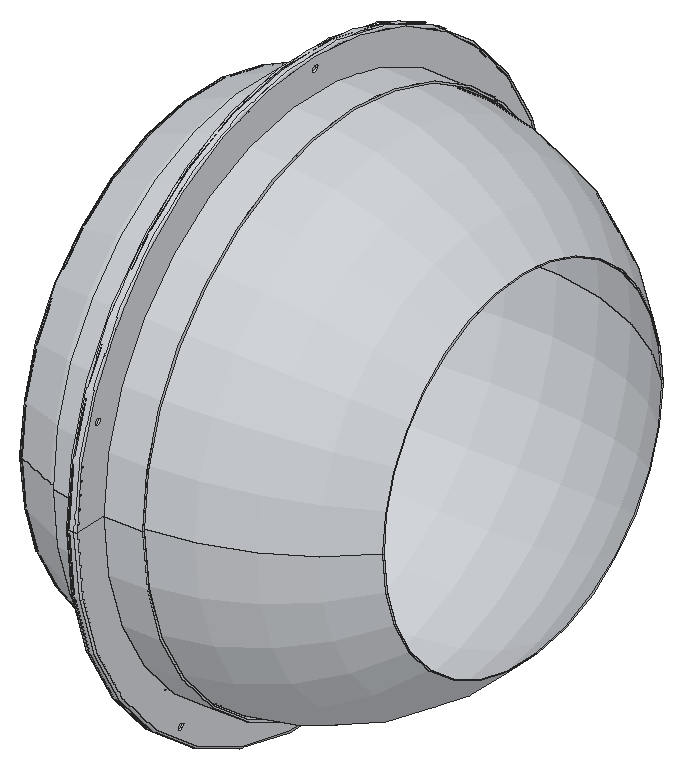
Revit family "05111_KR", category Air Terminals, Revit 2012
Parameters (values of type "KR-20")
  Visible_Texto = or(Tamanio_Requerido < 6, Tamanio_Requerido > 20, not(Tamanio_Requerido = Var))  # no
  Var = roundup(Tamanio_Requerido / 2) * 2  # 20
  URL = "https://www.innes.com.mx"
  Type Comments = "Tipo tobera"
  Tipo de Cuello = "Redondo"
  Tamanio_Requerido = 20
  Posición de Instalación = "Muro/Techo"
  Nota1 = if(Tamanio_Requerido < 6, "Tamaño no disponible, mínimo 6 in", if(Tamanio_Requerido > 20, "Tamaño no disponible, máximo 20 in", if(Tamanio_Requerido = Var, ".", "Tamaño no Válido, seleccione de la lista desplegable")))  # "."
  Model = "KR"
  Material = "Aluminio"
  Manufacturer = "INNES"
  Función = "Inyección"
  Description = "Difusor de Largo alcance"
  Cuello Mín-Máx. = "6\" a 20\" en incrementos de 2\""
  Conect = if(or(Var < 6, Var = 6), 3.38", if(Var = 8, 4.25", if(Var = 10, 5.40", if(Var = 12, 6.17", if(Var = 14, 6.09", if(Var = 16, 8.70", if(Var = 18, 9.40", if(Var > 18, 9.37", 9.37"))))))))  # 9.37"
Types (9): name | Var | Tamanio_Requerido | Función | Cuello Mín-Máx. | Conect
  (no name) | 20 | 20 | "Inyección" | "6\" a 20\" en incrementos de 2\"" | 9.37"
  KR-06 | 6 | 6 | "Inyeccion" | "6 a 20\" en incrementos de 2\"." | 3.38"
  KR-08 | 8 | 8 | "Inyeccion" | "6 a 20\" en incrementos de 2\"." | 4.25"
  KR-10 | 10 | 10 | "Inyeccion" | "6 a 20\" en incrementos de 2\"." | 5.40"
  KR-12 | 12 | 12 | "Inyeccion" | "6 a 20\" en incrementos de 2\"." | 6.17"
  KR-14 | 14 | 14 | "Inyeccion" | "6 a 20\" en incrementos de 2\"." | 6.09"
  KR-16 | 16 | 16 | "Inyeccion" | "6 a 20\" en incrementos de 2\"." | 8.70"
  KR-18 | 18 | 18 | "Inyeccion" | "6 a 20\" en incrementos de 2\"." | 9.40"
  KR-20 | 20 | 20 | "Inyección" | "6\" a 20\" en incrementos de 2\"" | 9.37"
Reference planes (in)
  plane 1 "Center (Front/Back)": y = 0
  plane 2: z = 0
  plane 3 "Center (Left/Right)": x = 0
Nested families (in)
  nested 1: "KR" at (0, 0, 0), type "KR-06"
    with var2 1.56", var1 1.28", Var3 20.00", Tamanio 20, Redondeo 20, Radio 7.38", Pestaña 1.50", Barrenos_A 10.065", Ancho_R 3.38", Ancho 1.25", Altura_C 11.30", Diametro_B 12.27", Diametro_D 21.06", Diametro_A 20.13", Alto_Cinta 2.00"
  nested 2: "Texto_KR" at (-32.97821, -34.56895, 0) x (0, -1, 0) z (0, 0, 1), type "texto"
    with Visible_Texto no
Connectors (in)
  hvac at (3.9625, 0, 0), driven by "Conect"
    settings: on nested 1, index 1, duct flow 0.0 L/s, flow factor 0, pres drop 0.0 Pa, loss coef 0, conn angle 0.00°, conn width 304.8 mm, conn height 304.8 mm, conn radius 237.998 mm, duct sys type 1, conn prof type 0, flow config 0, flow direction 0, loss method 0, conn ref index -1, conn util no, is conn primary yes, conn desc ""
Definition of nested family "KR"
  Parameters (values of type "KR-06")
    var2 = if((Var3) = 6.00", 0.81", if((Var3) = 8.00", 1.03", if((Var3) = 10.00", 1.46", if((Var3) = 12.00", 1.40", if((Var3) = 14.00", 1.59", if((Var3) = 16.00", 1.03", if((Var3) = 18.00", 1.50", if((Var3) = 20.00", 1.56", 0.81"))))))))  # 0.81"
    var1 = if((Var3) = 6.00", 0.48", if((Var3) = 8.00", 0.78", if((Var3) = 10.00", 1.24", if((Var3) = 12.00", 1.20", if((Var3) = 14.00", 1.29", if((Var3) = 16.00", 0.84", if((Var3) = 18.00", 1.30", if((Var3) = 20.00", 1.28", 0.48"))))))))  # 0.48"
    Var3 = if(Redondeo < 6, 6.00", if(Redondeo > 20, 20.00", Redondeo * 1.00"))  # 6.00"
    URL = "http://www.innes.com.mx/p/Product/Article/209"
    Tamanio = 6
    Redondeo = roundup(Tamanio / 2) * 2  # 6
    Radio = if((Var3) = 6.00", 2.50", if((Var3) = 8.00", 3.19", if((Var3) = 10.00", 4.25", if((Var3) = 12.00", 4.91", if((Var3) = 14.00", 4.91", if((Var3) = 16.00", 6.88", if((Var3) = 18.00", 7.47", if((Var3) = 20.00", 7.38", 2.50"))))))))  # 2.50"
    Model = "KR"
    Material = "Aluminio"
    Manufacturer = "INNES"
    Description = "Difusor de Largo Alcance"
    Default Elevation = 48.00"
    Conexion = "Redondo"
    Pestaña = if(Var3 = 6.00", 1.06", if(or(Var3 = 8.00", Var3 = 14.00"), 1.25", if(or(Var3 = 10.00", Var3 = 12.00", Var3 = 20.00"), 1.50", if(or(Var3 = 16.00", Var3 = 18.00"), 2.38", 1.06"))))  # 1.06"
    Barrenos_A = Diametro_A / 2  # 3.425"
    Barrenos = 5  # constant formula
    Ancho_R = if(Var3 = 6.00", 1.25", if(Var3 = 8.00", 2.00", if(or(Var3 = 10.00", Var3 = 12.00", Var3 = 14.00", Var3 = 16.00", Var3 = 18.00", Var3 = 20.00"), 3.38", 1.25")))  # 1.25"
    Ancho = if((Var3) = 6.00", 0.66", if((Var3) = 8.00", 0.75", if((Var3) = 10.00", 1.06", if((Var3) = 12.00", 1.00", if((Var3) = 14.00", 1.22", if((Var3) = 16.00", 0.75", if((Var3) = 18.00", 1.38", if((Var3) = 20.00", 1.25", 0.66"))))))))  # 0.66"
    Altura_C = if((Var3) = 6.00", 4.44", if((Var3) = 8.00", 5.54", if((Var3) = 10.00", 6.84", if((Var3) = 12.00", 7.92", if((Var3) = 14.00", 7.43", if((Var3) = 16.00", 11.32", if((Var3) = 18.00", 11.98", if((Var3) = 20.00", 11.30", 4.44"))))))))  # 4.44"
    Diametro_B = if((Var3) = 6.00", 2.93", if((Var3) = 8.00", 3.93", if((Var3) = 10.00", 5.58", if((Var3) = 12.00", 6.54", if((Var3) = 14.00", 7.44", if((Var3) = 16.00", 9.07", if((Var3) = 18.00", 10.21", if((Var3) = 20.00", 12.27", 2.93"))))))))  # 2.93"
    Diametro_D = if((Var3) = 6.00", 7.61", if((Var3) = 8.00", 9.84", if((Var3) = 10.00", 12.72", if((Var3) = 12.00", 14.28", if((Var3) = 14.00", 14.28", if((Var3) = 16.00", 18.74", if((Var3) = 18.00", 21.06", if((Var3) = 20.00", 21.06", 7.61"))))))))  # 7.61"
    Diametro_A = if((Var3) = 6.00", 6.85", if((Var3) = 8.00", 8.98", if((Var3) = 10.00", 11.89", if((Var3) = 12.00", 13.39", if((Var3) = 14.00", 13.39", if((Var3) = 16.00", 17.57", if((Var3) = 18.00", 20.13", if((Var3) = 20.00", 20.13", 6.85"))))))))  # 6.85"
    Alto_Cinta = if(or(Var3 = 6.00", Var3 = 8.00", Var3 = 10.00"), 1.25", if(or(Var3 = 12.00", Var3 = 14.00"), 1.50", if(or(Var3 = 16.00", Var3 = 18.00", Var3 = 20.00"), 2.00", 1.25")))  # 1.25"
  Types (8): name
    KR-06
    KR-08
    KR-10
    KR-12
    KR-16
    KR-18
    KR-20
    KR-14
  Reference planes (in)
    plane 1 "Center (Front/Back)": y = 0
    plane 2: z = 0
    plane 3 "Center (Left/Right)": x = 0
    plane 4: x = 4.44
    plane 5: y = 3.805
    plane 6: y = 2.525
    plane 7: y = 1.465
    plane 8: y = -3.805
    plane 9: y = -1.465
    plane 10: x = 0.97
    plane 11: x = 0.345
    plane 12: x = 1.595
    plane 13: x = 2.22
    plane 14: y = 3.145
    plane 15: y = 0
  Forms (in)
    Revolve 1, solid
      sketch origin (0, 0, 0) x (1, 0, 0) y (0, 1, 0)
        loop
          line (0, 2.525) -> (0.0625, 2.525) -> (0.0625, 2.69472)
          arc (0.0625, 2.69472) -> (0.0804, 2.75928) -> (0.129, 2.8054) r 0.12535
          arc (0.129, 2.8054) -> (2.56397, 3.03402) -> (4.44, 1.465) r 3.17729
          line (4.44, 1.465) -> (4.44, 1.6392)
          arc (4.44, 1.6392) -> (2.50594, 3.13881) -> (0.07332, 2.87085) r 3.26128
          arc (0.07332, 2.87085) -> (0.01972, 2.81956) -> (0, 2.74804) r 0.13951
          line (0, 2.74804) -> (0, 2.525)
        axis (0, 0) -> (4.44, 0)
      angle from 0 to 360
    Revolve 2, solid
      sketch origin (0, 0, 0) x (1, 0, 0) y (0, 1, 0)
        loop
          line (0.97, 3.145) -> (0.97, 3.7161)
          arc (0.97, 3.7161) -> (0.97773, 3.73477) -> (0.9964, 3.7425) r 0.0264
          line (0.9964, 3.7425) -> (1.18765, 3.7425)
          arc (1.18765, 3.7425) -> (1.21053, 3.73303) -> (1.22, 3.71015) r 0.03235
          line (1.22, 3.71015) -> (1.22, 3.145) -> (1.2825, 3.145) -> (1.2825, 3.73548)
          arc (1.2825, 3.73548) -> (1.26214, 3.78464) -> (1.21298, 3.805) r 0.06952
          line (1.21298, 3.805) -> (0.98561, 3.805)
          arc (0.98561, 3.805) -> (0.93038, 3.78212) -> (0.9075, 3.72689) r 0.07811
          line (0.9075, 3.72689) -> (0.9075, 3.145) -> (0.97, 3.145)
        axis (0.9075, 0) -> (1.2825, 0)
      angle from 0 to 360
    Revolve 3, solid
      sketch origin (0, 0, 0) x (1, 0, 0) y (0, 1, 0)
        loop
          line (1.595, 3.325) -> (1.595, 3.40442)
          arc (1.595, 3.40442) -> (0.95111, 3.29902) -> (0.345, 3.0575) r 3.01352
          line (0.345, 3.0575) -> (0.345, 2.995)
          arc (0.345, 2.995) -> (0.95321, 3.22361) -> (1.595, 3.325) r 3.20869
        axis (0.345, 0) -> (1.595, 0)
      angle from 0 to 360
    Extrusion 4, void
      sketch origin (1.4575, 0, -0.92574) x (0, -1, 0) y (0, 0, -1)
        loop
          circle (0, -4.35074) r 0.125
      from -1.1125 to 2.9825
    Extrusion 5, void, not visible
      sketch origin (1.4575, 0, 0) x (0, -1, 0) y (0, 0, -1)
        loop
          circle (0, -4.35074) r 0.125
      from -1.1125 to 2.9825
    Extrusion 6, void
      sketch origin (1.4575, 0.88043, -0.28607) x (0, -0.309017, -0.951057) y (0, 0.951057, -0.309017)
        loop
          circle (0, -4.35074) r 0.125
      from -1.1125 to 2.9825
    Extrusion 7, void
      sketch origin (1.4575, -0.88043, -0.28607) x (0, -0.309017, 0.951057) y (0, -0.951057, -0.309017)
        loop
          circle (0, -4.35074) r 0.125
      from -1.1125 to 2.9825
    Extrusion 8, void
      sketch origin (1.4575, -0.54414, 0.74894) x (0, 0.809017, 0.587785) y (0, -0.587785, 0.809017)
        loop
          circle (0, -4.35074) r 0.125
      from -1.1125 to 2.9825
    Extrusion 9, void
      sketch origin (1.4575, 0.54414, 0.74894) x (0, 0.809017, -0.587785) y (0, 0.587785, 0.809017)
        loop
          circle (0, -4.35074) r 0.125
      from -1.1125 to 2.9825
  Cuts and joins
    Extrusion 4, Extrusion 6, Extrusion 7, Extrusion 8, Extrusion 9 cuts Revolve 2
  Dimensions and locks (in)
    "Altura_C": plane 3 "Center (Left/Right)" to plane 4
    equal spacing: plane 9, plane 1 "Center (Front/Back)", plane 7
    "Diametro_B": plane 7 to plane 9
    equal spacing: plane 5, plane 1 "Center (Front/Back)", plane 8
    "Diametro_D": plane 5 to plane 8
    equal spacing: plane 11, plane 10, plane 12
    "Ancho_R": plane 11 to plane 12
    "Pestaña": plane 6 to plane 7
    equal spacing: plane 3 "Center (Left/Right)", plane 13, plane 4
    "Alto_Cinta": plane 10 to plane 13
    "Ancho": plane 5 to plane 14
    "var2": plane 5 to Revolve 3 sketch curve
    locked: Revolve 3 sketch curve to Revolve 3 sketch curve at 0.0625
    "var1": plane 5 to Revolve 3 sketch curve
    "Barrenos_A": radius of radial array
    aligned and locked: plane 2 to level
    aligned and locked: plane 6 to Revolve 1 sketch curve
    aligned and locked: plane 3 "Center (Left/Right)" to Revolve 1 sketch curve
    aligned and locked: plane 4 to Revolve 1 sketch curve
    aligned and locked: plane 1 "Center (Front/Back)" to Revolve 1 sketch curve
    aligned and locked: plane 1 "Center (Front/Back)" to Revolve 2 sketch curve
    aligned and locked: plane 10 to Revolve 2 sketch curve
    aligned and locked: plane 1 "Center (Front/Back)" to Revolve 3 sketch curve
    aligned and locked: Revolve 2 sketch curve to plane 5
    aligned and locked: Revolve 2 sketch curve to plane 14
    aligned and locked: plane 15 to plane 1 "Center (Front/Back)"
  Automatic sketch dimensions
    Revolve 1 sketch curve to Revolve 1 sketch curve = 0.00"  (x5)
    Revolve 1 sketch curve to plane 7 = 0.00"
    Revolve 1 sketch curve to plane 3 "Center (Left/Right)" = 1.25"
    Revolve 1 sketch curve to Revolve 1 sketch curve = 0.0625"
    plane 3 "Center (Left/Right)" to Revolve 1 sketch curve = 0.07332"
    Revolve 1 sketch curve to Revolve 1 sketch curve = 0.05568"
    Revolve 1 sketch curve to Revolve 1 sketch curve = 0.04833"
    plane 4 to Revolve 1 sketch curve = 3.75"
    plane 1 "Center (Front/Back)" to Revolve 1 sketch curve = 0.00"
    Revolve 1 sketch curve to Revolve 1 sketch curve = 0.01051"
    Revolve 3 sketch curve to plane 11 = 0.00"
    Revolve 3 sketch curve to plane 12 = 0.00"
    Revolve 3 sketch curve to plane 3 "Center (Left/Right)" = 0.75"
    Revolve 3 sketch curve to plane 1 "Center (Front/Back)" = 0.12121"
    Revolve 3 sketch curve to Revolve 3 sketch curve = 0.01523"
    plane 4 to Revolve 3 sketch curve = 2.875"
    Revolve 3 sketch curve to Revolve 3 sketch curve = 0.27404"
    Revolve 2 sketch curve to plane 14 = 0.00"
    Revolve 2 sketch curve to plane 10 = 0.0625"
    Revolve 2 sketch curve to plane 11 = 0.0625"
    plane 10 to Revolve 2 sketch curve = 0.01561"
    Revolve 2 sketch curve to Revolve 2 sketch curve = 0.0108"
    Revolve 2 sketch curve to plane 5 = 0.09485"
    Revolve 2 sketch curve to Revolve 2 sketch curve = 0.19125"
    Revolve 2 sketch curve to Revolve 2 sketch curve = 0.02532"
    plane 10 to Revolve 2 sketch curve = 0.25"
    Revolve 2 sketch curve to Revolve 2 sketch curve = 0.0625"
    plane 4 to Revolve 2 sketch curve = 0.625"
    radius of Extrusion 4 sketch curve = 0.125"
    radius of Extrusion 5 sketch curve = 0.125"
    radius of Extrusion 6 sketch curve = 0.125"
    radius of Extrusion 7 sketch curve = 0.125"
    radius of Extrusion 8 sketch curve = 0.125"
    radius of Extrusion 9 sketch curve = 0.125"
Definition of nested family "Texto_KR"
  Parameters (values of type "texto")
    texto = "Medida excede el valor máximo de 10."
    Visible_Texto = yes
    Color = rojo
  Reference planes (in)
    plane 1 "Center (Front/Back)": y = 0
    plane 2: z = 0
    plane 3 "Center (Left/Right)": x = 0
